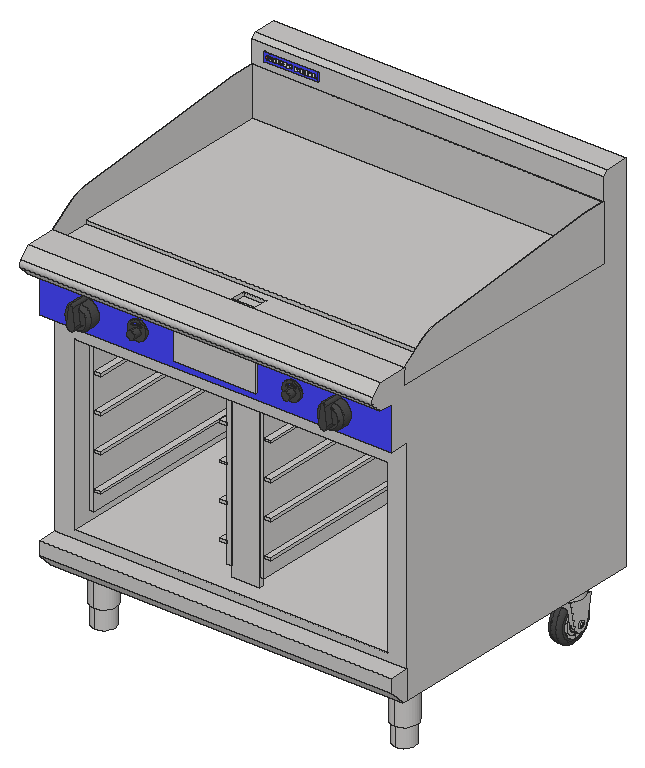
Revit family "QF_MOFFAT_BLUESEAL_CE_GP516-CB", category Specialty Equipment, Revit 2012 (continued)
Definition of nested family "GAS GRIDDLE 900"
  Dimensions and locks
    "Width": plane 3 "LEFT" to plane 4 "RIGHT"
    equal spacing: plane 5 "FRONT", plane 8 "Center X", plane 1 "BACK"
    "Depth": plane 5 "FRONT" to plane 1 "BACK"
    locked: Extrusion 2 to Extrusion 2 at 1.2
    aligned and locked: level to plane 2
    aligned and locked: Extrusion 2 to plane 4 "RIGHT"
    aligned and locked: cut or joined group of Extrusion 1, Extrusion 2, Extrusion 3, Extrusion 4 to cut or joined group of Extrusion 1, Extrusion 2, Extrusion 3, Extrusion 4
  Automatic sketch dimensions
    Extrusion 1 sketch curve to plane 5 "FRONT" = 0.00 mm
    Extrusion 1 sketch curve to plane 6 "TOP" = 0.00 mm
    plane 12 to Extrusion 1 sketch curve = 24.566 mm
    Extrusion 1 sketch curve to plane 12 = 23.207 mm
    Extrusion 1 sketch curve to level = 3.016 mm
    plane 11 to Extrusion 1 sketch curve = 21.695 mm
    plane 1 "BACK" to Extrusion 1 sketch curve = 57.045 mm
    Extrusion 1 sketch curve to plane 1 "BACK" = 0.003 mm
    level to Extrusion 1 sketch curve = 0.50 mm
    Extrusion 1 sketch curve to Extrusion 1 sketch curve = 41.50 mm
    Extrusion 1 sketch curve to plane 6 "TOP" = 63.601 mm
    Extrusion 2 sketch curve to plane 6 "TOP" = 0.00 mm
    Extrusion 2 sketch curve to plane 5 "FRONT" = 0.00 mm
    plane 12 to Extrusion 2 sketch curve = 24.566 mm
    Extrusion 2 sketch curve to plane 12 = 23.207 mm
    Extrusion 2 sketch curve to level = 3.016 mm
    plane 11 to Extrusion 2 sketch curve = 21.695 mm
    plane 1 "BACK" to Extrusion 2 sketch curve = 57.045 mm
    Extrusion 2 sketch curve to plane 1 "BACK" = 0.003 mm
    level to Extrusion 2 sketch curve = 0.50 mm
    Extrusion 2 sketch curve to Extrusion 2 sketch curve = 41.50 mm
    Extrusion 2 sketch curve to plane 6 "TOP" = 63.601 mm
    Extrusion 3 sketch curve to plane 5 "FRONT" = 0.00 mm
    Extrusion 3 sketch curve to plane 1 "BACK" = 0.00 mm
    level to Extrusion 3 sketch curve = 10.00 mm
    Extrusion 3 sketch curve to plane 5 "FRONT" = 21.208 mm
    plane 9 to Extrusion 3 sketch curve = 1.103 mm
    level to Extrusion 3 sketch curve = 0.50 mm
    Extrusion 3 sketch curve to Extrusion 3 sketch curve = 10.50 mm
    Extrusion 3 sketch curve to Extrusion 3 sketch curve = 9.50 mm
    Extrusion 4 sketch curve to plane 12 = 5.445 mm
    plane 12 to Extrusion 4 sketch curve = 33.055 mm
    Extrusion 4 sketch curve to plane 7 "Center Y" = 30.00 mm
    Extrusion 4 sketch curve to Extrusion 4 sketch curve = 60.00 mm
    plane 1 "BACK" to Extrusion 5 sketch curve = 0.00 mm
    plane 3 "LEFT" to Extrusion 5 sketch curve = 1.80 mm
    plane 4 "RIGHT" to Extrusion 5 sketch curve = 1.20 mm
    Extrusion 5 sketch curve to Extrusion 5 sketch curve = 1.20 mm
    curve 6 to plane 3 "LEFT" = 0.00 mm
    curve 4 to plane 4 "RIGHT" = 0.00 mm
    plane 5 "FRONT" to curve 6 = 0.00 mm
    plane 1 "BACK" to curve 3 = 0.00 mm
    curve 8 to plane 12 = 5.445 mm
    curve 8 to plane 7 "Center Y" = 30.00 mm
    curve 7 to curve 10 = 60.00 mm
    curve 2 to plane 5 "FRONT" = 21.208 mm
    plane 12 to curve 9 = 33.055 mm
    curve 1 to plane 12 = 25.637 mm
